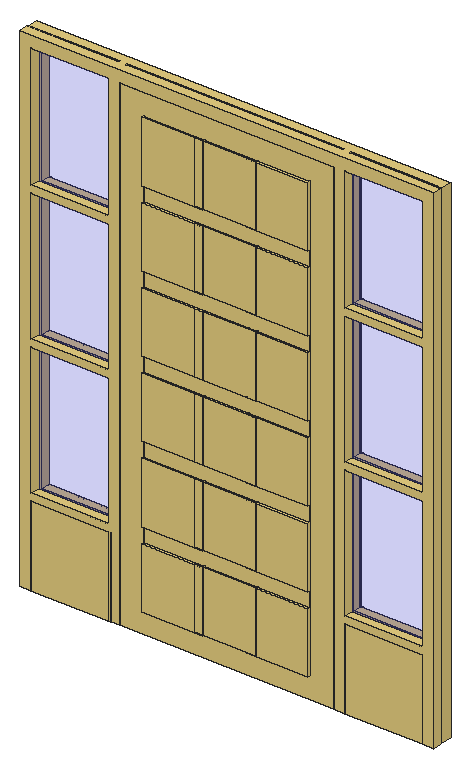
Revit family "DTI_A3-AC-Panel-F18-Frame-Fds6", category Doors, host Wall, Revit 2016
Family settings
  Host = Wall
  Always vertical = Yes
  Cut with Voids When Loaded = No
  Shared = No
  Room Calculation Point = No
Parameters (values of type "Panel F18 - Frame FDS6")
  URL = "www.acdoors.co.za"
  Sidelight w = 371 mm
  Sidelight Glass = Glass
  Panel Width = Width - (Sidelight w * 2 + (Frame Depth * 2))  # 894 mm
  Panel Type = "F18"
  Panel Thickness = 44 mm
  Panel Material = Meranti Wood
  Panel Height = Height - Frame Depth  # 2033 mm
  Model = "Double-sided Panel Door"
  Manufacturer Code = "F18 - FDS6"
  Manufacturer = "AC Doors"
  Height = 2080 mm
  Wall Closure = By host
  Width = 1730 mm
  Function = Interior
  Frame Type = "Frame FDS6"
  Frame Thickness = 102 mm
  Frame Material = Meranti Wood
  Frame Depth = 47 mm
  Assembly Code = "B2030230"
Reference planes
  plane 1 "Wall Center": y = 0
  plane 2 "Center (Left/Right)": x = 0
  plane 3 "Left": x = -865
  plane 4 "Right": x = 865
  plane 5: z = 2080
  plane 6 "Exterior": y = 45
  plane 7 "Interior": y = -45
  plane 8: x = 494
  plane 9: z = 1503.333
  plane 10: z = 926.667
  plane 11: z = 350
  plane 12: x = -494
Forms (mm)
  Sweep 1, solid, material "Meranti Wood" <- "Frame Material", detail levels medium+fine
    path origin (0, 0, 0) x (1, 0, 0) y (0, 0, 1)
      loop
        line (-865, 0) -> (-865, 2080) -> (865, 2080) -> (865, 0)
    profile "Frame profile : Frame profile" origin (865, 0, 1040) x (1, 0, 0) y (0, -1, 0)
      loop
        line (0, -45) -> (0, 0) -> (-10, 0) -> (-10, 6) -> (0, 6) -> (0, 45) -> (-47, 45) -> (-47, 6) -> (-40, 6) -> (-40, 0) -> (-55, 0) -> (-55, -37) -> (-53, -37)
        arc (-53, -37) -> (-51.243, -41.243) -> (-47, -43) r 6
        line (-47, -43) -> (-47, -45) -> (0, -45)
  Sweep 2, solid, material "Meranti Wood" <- "Frame Material", detail levels medium+fine
    path origin (-400, 0, 0) x (1, 0, 0) y (0, 0, 1)
      loop
        line (894, 2080) -> (894, 0)
    profile "Frame profile 2 : Frame profile 2" origin (494, 0, 1040) x (1, 0, 0) y (0, -1, 0)
      loop
        line (-8, -45) -> (-8, -43)
        arc (-8, -43) -> (-3.757, -41.243) -> (-2, -37) r 6
        line (-2, -37) -> (0, -37) -> (0, 0) -> (-10, 0) -> (-10, 6) -> (0, 6) -> (0, 45) -> (-47, 45) -> (-47, 6) -> (-40, 6) -> (-40, 0) -> (-55, 0) -> (-55, -37) -> (-53, -37)
        arc (-53, -37) -> (-51.243, -41.243) -> (-47, -43) r 6
        line (-47, -43) -> (-47, -45) -> (-8, -45)
  Sweep 3, solid, material "Meranti Wood" <- "Frame Material", detail levels medium+fine
    path origin (0, 0, 0) x (1, 0, 0) y (0, 0, 1)
      loop
        line (818, 350) -> (486, 350)
    profile "Frame profile 3 : Frame profile 3" origin (652, 0, 350) x (0, 0, -1) y (0, -1, 0)
      loop
        line (7, -45) -> (7, -43)
        arc (7, -43) -> (11.243, -41.243) -> (13, -37) r 6
        line (13, -37) -> (15, -37) -> (15, 0) -> (5, 0) -> (5, 6) -> (15, 6) -> (15, 45) -> (-15, 45) -> (-15, 6) -> (-5, 6) -> (-5, 0) -> (-15, 0) -> (-15, -37) -> (-13, -37)
        arc (-13, -37) -> (-11.243, -41.243) -> (-7, -43) r 6
        line (-7, -43) -> (-7, -45) -> (7, -45)
  Sweep 4, solid, material "Meranti Wood" <- "Frame Material", detail levels medium+fine
    path origin (0, 0, 583.333) x (1, 0, 0) y (0, 0, 1)
      loop
        line (825, 343.333) -> (484, 343.333)
    profile "Frame profile 3 : Frame profile 3" origin (654.5, 0, 926.667) x (0, 0, -1) y (0, -1, 0)
      loop
        line (7, -45) -> (7, -43)
        arc (7, -43) -> (11.243, -41.243) -> (13, -37) r 6
        line (13, -37) -> (15, -37) -> (15, 0) -> (5, 0) -> (5, 6) -> (15, 6) -> (15, 45) -> (-15, 45) -> (-15, 6) -> (-5, 6) -> (-5, 0) -> (-15, 0) -> (-15, -37) -> (-13, -37)
        arc (-13, -37) -> (-11.243, -41.243) -> (-7, -43) r 6
        line (-7, -43) -> (-7, -45) -> (7, -45)
  Sweep 5, solid, material "Meranti Wood" <- "Frame Material", detail levels medium+fine
    path origin (0, 0, 1166.667) x (1, 0, 0) y (0, 0, 1)
      loop
        line (818, 336.667) -> (486, 336.667)
    profile "Frame profile 3 : Frame profile 3" origin (652, 0, 1503.333) x (0, 0, -1) y (0, -1, 0)
      loop
        line (7, -45) -> (7, -43)
        arc (7, -43) -> (11.243, -41.243) -> (13, -37) r 6
        line (13, -37) -> (15, -37) -> (15, 0) -> (5, 0) -> (5, 6) -> (15, 6) -> (15, 45) -> (-15, 45) -> (-15, 6) -> (-5, 6) -> (-5, 0) -> (-15, 0) -> (-15, -37) -> (-13, -37)
        arc (-13, -37) -> (-11.243, -41.243) -> (-7, -43) r 6
        line (-7, -43) -> (-7, -45) -> (7, -45)
  Sweep 6, solid, material "Meranti Wood" <- "Frame Material", detail levels medium+fine
    path origin (0, 0, 0) x (1, 0, 0) y (0, 0, 1)
      loop
        line (818, 350) -> (486, 350)
    profile origin (652, 0, 350) x (0, 0, -1) y (0, -1, 0)
      loop
        line (15, -37) -> (350, -37) -> (350, 44) -> (15, 44) -> (15, 6) -> (5, 6) -> (5, 0) -> (15, 0) -> (15, -37)
  Sweep 7, solid, material "Glass" <- "Sidelight Glass", detail levels medium+fine
    path origin (0, 0, 480) x (1, 0, 0) y (0, 0, 1)
      loop
        line (825, 446.667) -> (484, 446.667)
    profile origin (654.5, 0, 926.667) x (0, 0, -1) y (0, -1, 0)
      loop
        line (5, 0) -> (571.667, 0) -> (571.667, 6) -> (5, 6) -> (5, 0)
  Sweep 8, solid, material "Glass" <- "Sidelight Glass", detail levels medium+fine
    path origin (0, 0, 1140) x (1, 0, 0) y (0, 0, 1)
      loop
        line (825, 363.333) -> (484, 363.333)
    profile origin (654.5, 0, 1503.333) x (0, 0, -1) y (0, -1, 0)
      loop
        line (5, 0) -> (571.667, 0) -> (571.667, 6) -> (5, 6) -> (5, 0)
  Sweep 9, solid, material "Glass" <- "Sidelight Glass", detail levels medium+fine
    path origin (0, 0, 1660) x (1, 0, 0) y (0, 0, 1)
      loop
        line (825, 373) -> (484, 373)
    profile origin (654.5, 0, 2033) x (0, 0, -1) y (0, -1, 0)
      loop
        line (-7, 0) -> (524.667, 0) -> (524.667, 6) -> (-7, 6) -> (-7, 0)
  Sweep 10, solid, material "Meranti Wood" <- "Frame Material", detail levels medium+fine
    path origin (400, 0, 0) x (-1, 0, 0) y (0, 0, 1)
      loop
        line (894, 2080) -> (894, 0)
    profile "Frame profile 2 : Frame profile 2" origin (-494, 0, 1040) x (-1, 0, 0) y (0, 1, 0)
      loop
        line (-8, 45) -> (-47, 45) -> (-47, 43)
        arc (-47, 43) -> (-51.243, 41.243) -> (-53, 37) r 6
        line (-53, 37) -> (-55, 37) -> (-55, 0) -> (-40, 0) -> (-40, -6) -> (-47, -6) -> (-47, -45) -> (0, -45) -> (0, -6) -> (-10, -6) -> (-10, 0) -> (0, 0) -> (0, 37) -> (-2, 37)
        arc (-2, 37) -> (-3.757, 41.243) -> (-8, 43) r 6
        line (-8, 43) -> (-8, 45)
  Sweep 11, solid, material "Meranti Wood" <- "Frame Material", detail levels medium+fine
    path origin (0, 0, 0) x (-1, 0, 0) y (0, 0, 1)
      loop
        line (818, 350) -> (486, 350)
    profile "Frame profile 3 : Frame profile 3" origin (-652, 0, 350) x (0, 0, -1) y (0, 1, 0)
      loop
        line (7, 45) -> (-7, 45) -> (-7, 43)
        arc (-7, 43) -> (-11.243, 41.243) -> (-13, 37) r 6
        line (-13, 37) -> (-15, 37) -> (-15, 0) -> (-5, 0) -> (-5, -6) -> (-15, -6) -> (-15, -45) -> (15, -45) -> (15, -6) -> (5, -6) -> (5, 0) -> (15, 0) -> (15, 37) -> (13, 37)
        arc (13, 37) -> (11.243, 41.243) -> (7, 43) r 6
        line (7, 43) -> (7, 45)
  Sweep 12, solid, material "Meranti Wood" <- "Frame Material", detail levels medium+fine
    path origin (0, 0, 583.333) x (-1, 0, 0) y (0, 0, 1)
      loop
        line (818, 343.333) -> (486, 343.333)
    profile "Frame profile 3 : Frame profile 3" origin (-652, 0, 926.667) x (0, 0, -1) y (0, 1, 0)
      loop
        line (7, 45) -> (-7, 45) -> (-7, 43)
        arc (-7, 43) -> (-11.243, 41.243) -> (-13, 37) r 6
        line (-13, 37) -> (-15, 37) -> (-15, 0) -> (-5, 0) -> (-5, -6) -> (-15, -6) -> (-15, -45) -> (15, -45) -> (15, -6) -> (5, -6) -> (5, 0) -> (15, 0) -> (15, 37) -> (13, 37)
        arc (13, 37) -> (11.243, 41.243) -> (7, 43) r 6
        line (7, 43) -> (7, 45)
  Sweep 13, solid, material "Meranti Wood" <- "Frame Material", detail levels medium+fine
    path origin (0, 0, 1166.667) x (-1, 0, 0) y (0, 0, 1)
      loop
        line (818, 336.667) -> (486, 336.667)
    profile "Frame profile 3 : Frame profile 3" origin (-652, 0, 1503.333) x (0, 0, -1) y (0, 1, 0)
      loop
        line (7, 45) -> (-7, 45) -> (-7, 43)
        arc (-7, 43) -> (-11.243, 41.243) -> (-13, 37) r 6
        line (-13, 37) -> (-15, 37) -> (-15, 0) -> (-5, 0) -> (-5, -6) -> (-15, -6) -> (-15, -45) -> (15, -45) -> (15, -6) -> (5, -6) -> (5, 0) -> (15, 0) -> (15, 37) -> (13, 37)
        arc (13, 37) -> (11.243, 41.243) -> (7, 43) r 6
        line (7, 43) -> (7, 45)
  Sweep 14, solid, material "Meranti Wood" <- "Frame Material", detail levels medium+fine
    path origin (0, 0, 0) x (-1, 0, 0) y (0, 0, 1)
      loop
        line (818, 350) -> (486, 350)
    profile origin (-652, 0, 350) x (0, 0, -1) y (0, 1, 0)
      loop
        line (15, 37) -> (15, 0) -> (5, 0) -> (5, -6) -> (15, -6) -> (15, -44) -> (350, -44) -> (350, 37) -> (15, 37)
  Sweep 15, solid, material "Glass" <- "Sidelight Glass", detail levels medium+fine
    path origin (0, 0, 480) x (-1, 0, 0) y (0, 0, 1)
      loop
        line (825, 446.667) -> (484, 446.667)
    profile origin (-654.5, 0, 926.667) x (0, 0, -1) y (0, 1, 0)
      loop
        line (5, 0) -> (5, -6) -> (578.333, -6) -> (578.333, 0) -> (5, 0)
  Sweep 16, solid, material "Glass" <- "Sidelight Glass", detail levels medium+fine
    path origin (0, 0, 1140) x (-1, 0, 0) y (0, 0, 1)
      loop
        line (825, 363.333) -> (484, 363.333)
    profile origin (-654.5, 0, 1503.333) x (0, 0, -1) y (0, 1, 0)
      loop
        line (5, 0) -> (5, -6) -> (578.333, -6) -> (578.333, 0) -> (5, 0)
  Sweep 17, solid, material "Glass" <- "Sidelight Glass", detail levels medium+fine
    path origin (0, 0, 1660) x (-1, 0, 0) y (0, 0, 1)
      loop
        line (825, 373) -> (484, 373)
    profile origin (-654.5, 0, 2033) x (0, 0, -1) y (0, 1, 0)
      loop
        line (-7, 0) -> (-7, -6) -> (531.333, -6) -> (531.333, 0) -> (-7, 0)
Cuts and joins
  joined: Sweep 1, Sweep 2, Sweep 3, Sweep 4, Sweep 5, Sweep 6, Sweep 10, Sweep 11, Sweep 12, Sweep 13
Lines and regions (mm)
  Opening 1
    outline origin (-3050, -45, 0) x (1, 0, 0) y (0, 0, 1)
      loop
        line (2185, 0) -> (3915, 0) -> (3915, 2080) -> (2185, 2080) -> (2185, 0)
  symbolic lines, style "Elevation Swing"
    curve 1: line (447, 0, 2033) -> (-447, 0, 1016.5)
    curve 2: line (-447, 0, 1016.5) -> (447, 0, 0)
  symbolic lines, style "Plan Swing"
    curve 3: line (447, -44, 0) -> (447, -938, 0)
    curve 7: arc (447, -938, 0) -> (-185.153, -676.153, 0) -> (-447, -44, 0) r 894
  symbolic lines, style "Plan Swing", detail levels medium+fine
    curve 4: line (447, -938, 0) -> (403, -938, 0)
    curve 5: line (403, -938, 0) -> (403, -44, 0)
    curve 6: line (447, -44, 0) -> (403, -44, 0)
Text (mm)
  text "Exterior" at (-2295.016, 1099.543, 0), in view "Ref. Level"
  text "Exterior" at (0, 1615.38, 3698.081), in view "Left"
  text "Exterior" at (0, 1036.032, 3874.932), in view "Right"
Dimensions and locks
  equal spacing: plane 3 "Left", plane 2 "Center (Left/Right)", plane 4 "Right"
  "Width": plane 3 "Left" to plane 4 "Right"
  "Height": plane 5 to host wall
  locked: plane 6 "Exterior" to host wall at 0
  locked: plane 7 "Interior" to host wall
  "Sidelight w": plane 8 to plane 4 "Right"
  "Panel Thickness": curve 5 to curve 3
  locked: level to plane 11 at 350
  equal spacing: plane 11, plane 10, plane 9, plane 5
  "Sidelight w": plane 3 "Left" to plane 12
  aligned and locked: plane 3 "Left" to Opening 1 sketch curve
  aligned and locked: plane 5 to Opening 1 sketch curve  (x2)
  aligned and locked: Opening 1 sketch curve to plane 4 "Right"
  aligned and locked: Opening 1 sketch curve to level
  aligned and locked: plane 1 "Wall Center" to host wall
  aligned and locked: Sweep 1 sketch curve to host wall  (x3)
  aligned and locked: plane 8 to Sweep 2 sketch curve
  aligned and locked: cut or joined group of Sweep 1, Sweep 2, Sweep 3, Sweep 4, Sweep 5, Sweep 6, Sweep 10, Sweep 11, Sweep 12, Sweep 13 to curve 3
  aligned and locked: cut or joined group of Sweep 1, Sweep 2, Sweep 3, Sweep 4, Sweep 5, Sweep 6, Sweep 10, Sweep 11, Sweep 12, Sweep 13 to curve 1
  aligned and locked: curve 2 to cut or joined group of Sweep 1, Sweep 2, Sweep 3, Sweep 4, Sweep 5, Sweep 6, Sweep 10, Sweep 11, Sweep 12, Sweep 13
  aligned and locked: plane 11 to Sweep 3 sketch curve
  aligned and locked: plane 10 to Sweep 4 sketch curve
  aligned and locked: Sweep 5 sketch curve to plane 9
  aligned and locked: cut or joined group of Sweep 1, Sweep 2, Sweep 3, Sweep 4, Sweep 5, Sweep 6, Sweep 10, Sweep 11, Sweep 12, Sweep 13 to Sweep 5 sketch curve  (x2)
  aligned and locked: cut or joined group of Sweep 1, Sweep 2, Sweep 3, Sweep 4, Sweep 5, Sweep 6, Sweep 10, Sweep 11, Sweep 12, Sweep 13 to Sweep 6 sketch curve  (x2)
  aligned and locked: Sweep 6 sketch curve to plane 11
  aligned and locked: Sweep 7 sketch curve to plane 10
  aligned and locked: Sweep 7 sketch curve to cut or joined group of Sweep 1, Sweep 2, Sweep 3, Sweep 4, Sweep 5, Sweep 6, Sweep 10, Sweep 11, Sweep 12, Sweep 13  (x2)
  aligned and locked: cut or joined group of Sweep 1, Sweep 2, Sweep 3, Sweep 4, Sweep 5, Sweep 6, Sweep 10, Sweep 11, Sweep 12, Sweep 13 to Sweep 7 sketch curve  (x2)
  aligned and locked: cut or joined group of Sweep 1, Sweep 2, Sweep 3, Sweep 4, Sweep 5, Sweep 6, Sweep 10, Sweep 11, Sweep 12, Sweep 13 to Sweep 4 sketch curve
  aligned and locked: Sweep 4 sketch curve to cut or joined group of Sweep 1, Sweep 2, Sweep 3, Sweep 4, Sweep 5, Sweep 6, Sweep 10, Sweep 11, Sweep 12, Sweep 13
  aligned and locked: Sweep 8 sketch curve to plane 9
  aligned and locked: Sweep 9 sketch curve to cut or joined group of Sweep 1, Sweep 2, Sweep 3, Sweep 4, Sweep 5, Sweep 6, Sweep 10, Sweep 11, Sweep 12, Sweep 13  (x3)
  aligned and locked: Sweep 8 sketch curve to cut or joined group of Sweep 1, Sweep 2, Sweep 3, Sweep 4, Sweep 5, Sweep 6, Sweep 10, Sweep 11, Sweep 12, Sweep 13  (x2)
  aligned and locked: plane 12 to Sweep 10 sketch curve
  aligned and locked: plane 9 to Sweep 13 sketch curve
  aligned and locked: cut or joined group of Sweep 1, Sweep 2, Sweep 3, Sweep 4, Sweep 5, Sweep 6, Sweep 10, Sweep 11, Sweep 12, Sweep 13 to Sweep 13 sketch curve  (x2)
  aligned and locked: plane 10 to Sweep 12 sketch curve
  aligned and locked: cut or joined group of Sweep 1, Sweep 2, Sweep 3, Sweep 4, Sweep 5, Sweep 6, Sweep 10, Sweep 11, Sweep 12, Sweep 13 to Sweep 12 sketch curve  (x2)
  aligned and locked: plane 11 to Sweep 11 sketch curve
  aligned and locked: cut or joined group of Sweep 1, Sweep 2, Sweep 3, Sweep 4, Sweep 5, Sweep 6, Sweep 10, Sweep 11, Sweep 12, Sweep 13 to Sweep 11 sketch curve  (x2)
  aligned and locked: cut or joined group of Sweep 1, Sweep 2, Sweep 3, Sweep 4, Sweep 5, Sweep 6, Sweep 10, Sweep 11, Sweep 12, Sweep 13 to Sweep 14 sketch curve  (x2)
  aligned and locked: plane 11 to Sweep 14 sketch curve
  aligned and locked: Sweep 15 sketch curve to cut or joined group of Sweep 1, Sweep 2, Sweep 3, Sweep 4, Sweep 5, Sweep 6, Sweep 10, Sweep 11, Sweep 12, Sweep 13
  aligned and locked: cut or joined group of Sweep 1, Sweep 2, Sweep 3, Sweep 4, Sweep 5, Sweep 6, Sweep 10, Sweep 11, Sweep 12, Sweep 13 to Sweep 15 sketch curve
  aligned and locked: host wall to Sweep 15 sketch curve
  aligned and locked: Sweep 16 sketch curve to cut or joined group of Sweep 1, Sweep 2, Sweep 3, Sweep 4, Sweep 5, Sweep 6, Sweep 10, Sweep 11, Sweep 12, Sweep 13
  aligned and locked: host wall to Sweep 16 sketch curve
  aligned and locked: Sweep 17 sketch curve to cut or joined group of Sweep 1, Sweep 2, Sweep 3, Sweep 4, Sweep 5, Sweep 6, Sweep 10, Sweep 11, Sweep 12, Sweep 13
  aligned and locked: host wall to Sweep 17 sketch curve
  aligned and locked: curve 1 to cut or joined group of Sweep 1, Sweep 2, Sweep 3, Sweep 4, Sweep 5, Sweep 6, Sweep 10, Sweep 11, Sweep 12, Sweep 13
  aligned and locked: plane 2 "Center (Left/Right)" to nested 1
  aligned: nested 1 to host wall
Automatic sketch dimensions
  Sweep 1 sketch curve to level = 0 mm  (x2)
  Sweep 2 sketch curve to level = 0 mm
  Sweep 2 sketch curve to plane 5 = 0 mm
  Sweep 3 sketch curve to plane 8 = 8 mm
  plane 4 "Right" to Sweep 3 sketch curve = 47 mm
  Sweep 6 sketch curve to plane 1 "Wall Center" = 0 mm
  Sweep 6 sketch curve to profile plane = 5 mm
  Sweep 6 sketch curve to profile plane = 15 mm
  Sweep 6 sketch curve to Sweep 6 sketch curve = 0 mm
  Sweep 6 sketch curve to plane 1 "Wall Center" = 37 mm
  Sweep 6 sketch curve to Sweep 6 sketch curve = 335 mm
  plane 1 "Wall Center" to Sweep 6 sketch curve = 6 mm
  Sweep 6 sketch curve to Sweep 6 sketch curve = 38 mm
  Sweep 7 sketch curve to plane 1 "Wall Center" = 0 mm
  plane 1 "Wall Center" to Sweep 7 sketch curve = 6 mm
  Sweep 8 sketch curve to plane 8 = 10 mm
  plane 4 "Right" to Sweep 8 sketch curve = 40 mm
  Sweep 8 sketch curve to plane 1 "Wall Center" = 0 mm
  plane 1 "Wall Center" to Sweep 8 sketch curve = 6 mm
  Sweep 9 sketch curve to plane 8 = 10 mm
  plane 4 "Right" to Sweep 9 sketch curve = 40 mm
  Sweep 9 sketch curve to plane 1 "Wall Center" = 0 mm
  plane 1 "Wall Center" to Sweep 9 sketch curve = 6 mm
  Sweep 10 sketch curve to level = 0 mm
  Sweep 10 sketch curve to plane 5 = 0 mm
  Sweep 14 sketch curve to plane 1 "Wall Center" = 0 mm
  Sweep 14 sketch curve to profile plane = 5 mm
  Sweep 14 sketch curve to profile plane = 15 mm
  Sweep 14 sketch curve to Sweep 14 sketch curve = 0 mm
  Sweep 14 sketch curve to plane 1 "Wall Center" = 37 mm
  Sweep 14 sketch curve to Sweep 14 sketch curve = 335 mm
  plane 1 "Wall Center" to Sweep 14 sketch curve = 6 mm
  plane 1 "Wall Center" to Sweep 14 sketch curve = 44 mm
  Sweep 15 sketch curve to plane 10 = 0 mm
  Sweep 15 sketch curve to plane 1 "Wall Center" = 0 mm
  Sweep 15 sketch curve to profile plane = 5 mm
  plane 1 "Wall Center" to Sweep 15 sketch curve = 6 mm
  Sweep 15 sketch curve to Sweep 15 sketch curve = 573.333 mm
  Sweep 16 sketch curve to plane 9 = 0 mm
  Sweep 16 sketch curve to plane 3 "Left" = 40 mm
  Sweep 16 sketch curve to plane 1 "Wall Center" = 0 mm
  Sweep 16 sketch curve to profile plane = 5 mm
  plane 1 "Wall Center" to Sweep 16 sketch curve = 6 mm
  Sweep 16 sketch curve to Sweep 16 sketch curve = 573.333 mm
  Sweep 17 sketch curve to plane 3 "Left" = 40 mm
  plane 5 to Sweep 17 sketch curve = 47 mm
  Sweep 17 sketch curve to plane 1 "Wall Center" = 0 mm
  profile plane to Sweep 17 sketch curve = 7 mm
  plane 1 "Wall Center" to Sweep 17 sketch curve = 6 mm
  Sweep 17 sketch curve to profile plane = 531.333 mm
  curve 2 to level = 0 mm
  plane 10 to curve 2 = 89.833 mm
  plane 5 to curve 1 = 47 mm
  curve 7 to host wall = 1 mm
  curve 7 to plane 12 = 47 mm
  curve 5 to host wall = 1 mm
Nested families
  nested 1: "F18" at (32.632, 4.283, 0), type "F18"
Definition of nested family "F18"
  Parameters
    Width Array = Panel Width / ((Offset * 2) + 64 mm)  # 3
    URL = "www.acdoors.co.za"
    Thickness = 10 mm
    Panel Width = 894 mm
    Panel Thickness = 44 mm
    Panel Material = none
    Panel Height = 2033 mm
    Offset = 100 mm
    Model = "F18"
    Manufacturer = "AC Doors"
    Length = Inside / Array - 50 mm  # 255.5 mm
    Inside = Panel Height - (Offset * 2)  # 1833 mm
    Half T = Thickness / 2  # 5 mm
    Edge = (Length / 2) - 10 mm  # 117.75 mm
    Assembly Code = "B2030230"
    Array = 6
  Reference planes
    plane 1 "Center (Front/Back)": y = -26.283
    plane 2: z = 0
    plane 3 "Center (Left/Right)": x = -32.632
    plane 4: y = -4.283
    plane 5: y = -48.283
    plane 6: x = -479.632
    plane 7: x = 414.368
    plane 8: y = -11.283
    plane 9: y = -41.283
    plane 10: z = 2033
    plane 11: x = -379.632
    plane 12: z = 1933
    plane 13: z = 100
    plane 14: x = 314.368
    plane 15: x = -261.882
    plane 16: z = 217.75
    plane 17: z = 1815.25
    plane 18: x = 196.618
    plane 19: y = -53.283
  Forms (mm)
    Sweep 1, solid, material <- "Panel Material"
      path origin (0, -26.283, 0) x (1, 0, 0) y (0, 0, 1)
        loop
          line (-479.632, 2033) -> (-479.632, 0) -> (414.368, 0) -> (414.368, 2033) -> (-479.632, 2033)
      profile origin (-32.632, -26.283, 2033) x (0, 0, 1) y (0, -1, 0)
        loop
          line (0, -22) -> (0, 22) -> (-100, 22) -> (-100, -22) -> (0, -22)
    Extrusion 2, solid, material <- "Panel Material"
      sketch origin (0, 0, 0) x (1, 0, 0) y (0, 1, 0)
        loop
          line (-379.632, -11.283) -> (-379.632, -48.283) -> (314.368, -48.283) -> (314.368, -11.283) -> (-379.632, -11.283)
      from 100 to 1933
    Extrusion 3, solid, material <- "Panel Material"
      sketch origin (0, -52.567, 0) x (0, -1, 0) y (-1, 0, 0)
        loop
          line (-11.283, 379.632) -> (-48.283, 379.632) -> (-48.283, -314.368) -> (-11.283, -314.368) -> (-11.283, 379.632)
      from 100 to 1932
  Dimensions and locks
    equal spacing: plane 4, plane 1 "Center (Front/Back)", plane 5
    "Panel Thickness": plane 4 to plane 5
    equal spacing: plane 6, plane 3 "Center (Left/Right)", plane 7
    "Panel Width": plane 6 to plane 7
    locked: plane 4 to plane 8 at 7
    locked: plane 5 to plane 9 at 7
    "Offset": plane 11 to plane 6
    "Offset": plane 10 to plane 12
    "Offset": plane 13 to level
    "Offset": plane 14 to plane 7
    "Panel Height": plane 10 to plane 2
    "Edge": plane 16 to plane 13
    "Edge": plane 12 to plane 17
    "Edge": plane 15 to plane 11
    "Edge": plane 14 to plane 18
    "Half T": plane 5 to plane 19
    equal spacing: group 13, group 39, group 26  (x3)
    aligned and locked: plane 6 to Sweep 1 sketch curve
    aligned and locked: Sweep 1 sketch curve to plane 10
    aligned and locked: plane 2 to Sweep 1 sketch curve
    aligned and locked: plane 7 to Sweep 1 sketch curve
    aligned and locked: plane 4 to Sweep 1 sketch curve
    aligned and locked: Sweep 1 sketch curve to profile plane
    aligned and locked: plane 12 to Sweep 1 sketch curve
    aligned and locked: Sweep 1 sketch curve to plane 5
    aligned and locked: plane 14 to Extrusion 2 sketch curve
    aligned and locked: plane 11 to Extrusion 2 sketch curve
    aligned and locked: plane 12 to Extrusion 2
    aligned and locked: Extrusion 2 to plane 13
    aligned and locked: plane 5 to Extrusion 2 sketch curve
    aligned and locked: Extrusion 2 sketch curve to plane 8
    aligned and locked: Extrusion 2 to plane 5
    aligned and locked: nested 2 to nested 6
    aligned and locked: nested 6 to nested 5
    aligned and locked: nested 5 to nested 4
    aligned and locked: nested 4 to nested 3
    aligned and locked: nested 3 to nested 1
    aligned and locked: nested 8 to nested 12
    aligned and locked: nested 12 to nested 11
    aligned and locked: nested 11 to nested 10
    aligned and locked: nested 10 to nested 9
    aligned and locked: nested 9 to nested 7
    aligned and locked: nested 11 to nested 5
    aligned and locked: nested 5 to plane 11
    aligned and locked: nested 14 to nested 18
    aligned and locked: nested 18 to nested 17
    aligned and locked: nested 17 to nested 16
    aligned and locked: nested 16 to nested 15
    aligned and locked: nested 15 to nested 13
    aligned and locked: nested 20 to nested 24
    aligned and locked: nested 24 to nested 23
    aligned and locked: nested 23 to nested 22
    aligned and locked: nested 22 to nested 21
    aligned and locked: nested 21 to nested 19
    aligned and locked: nested 23 to nested 17
    aligned and locked: plane 14 to nested 17
    aligned and locked: nested 26 to nested 30
    aligned and locked: nested 30 to nested 29
    aligned and locked: nested 29 to nested 28
    aligned and locked: nested 28 to nested 27
    aligned and locked: nested 27 to nested 25
    aligned and locked: nested 32 to nested 36
    aligned and locked: nested 36 to nested 35
    aligned and locked: nested 35 to nested 34
    aligned and locked: nested 34 to nested 33
    aligned and locked: nested 33 to nested 31
    aligned and locked: nested 35 to nested 29
  Automatic sketch dimensions
    Extrusion 3 sketch curve to plane 4 = 0 mm
    Extrusion 3 sketch curve to plane 9 = 0 mm
    Extrusion 3 sketch curve to plane 11 = 0 mm
    Extrusion 3 sketch curve to plane 14 = 0 mm
  Nested families
    nested 1: "Square Block" at (-424.718, 0.717, -424.402), type "Square Block"
      with Thickness 10 mm, Length 255.5 mm
    nested 2: "Square Block" at (-424.718, 0.717, 1172.265), type "Square Block"
      with Thickness 10 mm, Length 255.5 mm
    nested 3: "Square Block" at (-424.718, 0.717, -105.068), type "Square Block"
      with Thickness 10 mm, Length 255.5 mm
    nested 4: "Square Block" at (-424.718, 0.717, 214.265), type "Square Block"
      with Thickness 10 mm, Length 255.5 mm
    nested 5: "Square Block" at (-424.718, 0.717, 533.598), type "Square Block"
      with Thickness 10 mm, Length 255.5 mm
    nested 6: "Square Block" at (-424.718, 0.717, 852.932), type "Square Block"
      with Thickness 10 mm, Length 255.5 mm
    nested 7: "Square Block" at (-424.718, -53.283, -424.402), type "Square Block"
      with Thickness 10 mm, Length 255.5 mm
    nested 8: "Square Block" at (-424.718, -53.283, 1172.265), type "Square Block"
      with Thickness 10 mm, Length 255.5 mm
    nested 9: "Square Block" at (-424.718, -53.283, -105.068), type "Square Block"
      with Thickness 10 mm, Length 255.5 mm
    nested 10: "Square Block" at (-424.718, -53.283, 214.265), type "Square Block"
      with Thickness 10 mm, Length 255.5 mm
    nested 11: "Square Block" at (-424.718, -53.283, 533.598), type "Square Block"
      with Thickness 10 mm, Length 255.5 mm
    nested 12: "Square Block" at (-424.718, -53.283, 852.932), type "Square Block"
      with Thickness 10 mm, Length 255.5 mm
    nested 13: "Square Block" at (13.782, 0.717, -424.402), type "Square Block"
      with Thickness 10 mm, Length 255.5 mm
    nested 14: "Square Block" at (13.782, 0.717, 1172.265), type "Square Block"
      with Thickness 10 mm, Length 255.5 mm
    nested 15: "Square Block" at (13.782, 0.717, -105.068), type "Square Block"
      with Thickness 10 mm, Length 255.5 mm
    nested 16: "Square Block" at (13.782, 0.717, 214.265), type "Square Block"
      with Thickness 10 mm, Length 255.5 mm
    nested 17: "Square Block" at (13.782, 0.717, 533.598), type "Square Block"
      with Thickness 10 mm, Length 255.5 mm
    nested 18: "Square Block" at (13.782, 0.717, 852.932), type "Square Block"
      with Thickness 10 mm, Length 255.5 mm
    nested 19: "Square Block" at (13.782, -53.283, -424.402), type "Square Block"
      with Thickness 10 mm, Length 255.5 mm
    nested 20: "Square Block" at (13.782, -53.283, 1172.265), type "Square Block"
      with Thickness 10 mm, Length 255.5 mm
    nested 21: "Square Block" at (13.782, -53.283, -105.068), type "Square Block"
      with Thickness 10 mm, Length 255.5 mm
    nested 22: "Square Block" at (13.782, -53.283, 214.265), type "Square Block"
      with Thickness 10 mm, Length 255.5 mm
    nested 23: "Square Block" at (13.782, -53.283, 533.598), type "Square Block"
      with Thickness 10 mm, Length 255.5 mm
    nested 24: "Square Block" at (13.782, -53.283, 852.932), type "Square Block"
      with Thickness 10 mm, Length 255.5 mm
    nested 25: "Square Block" at (-205.468, 0.717, -424.402), type "Square Block"
      with Thickness 10 mm, Length 255.5 mm
    nested 26: "Square Block" at (-205.468, 0.717, 1172.265), type "Square Block"
      with Thickness 10 mm, Length 255.5 mm
    nested 27: "Square Block" at (-205.468, 0.717, -105.068), type "Square Block"
      with Thickness 10 mm, Length 255.5 mm
    nested 28: "Square Block" at (-205.468, 0.717, 214.265), type "Square Block"
      with Thickness 10 mm, Length 255.5 mm
    nested 29: "Square Block" at (-205.468, 0.717, 533.598), type "Square Block"
      with Thickness 10 mm, Length 255.5 mm
    nested 30: "Square Block" at (-205.468, 0.717, 852.932), type "Square Block"
      with Thickness 10 mm, Length 255.5 mm
    nested 31: "Square Block" at (-205.468, -53.283, -424.402), type "Square Block"
      with Thickness 10 mm, Length 255.5 mm
    nested 32: "Square Block" at (-205.468, -53.283, 1172.265), type "Square Block"
      with Thickness 10 mm, Length 255.5 mm
    nested 33: "Square Block" at (-205.468, -53.283, -105.068), type "Square Block"
      with Thickness 10 mm, Length 255.5 mm
    nested 34: "Square Block" at (-205.468, -53.283, 214.265), type "Square Block"
      with Thickness 10 mm, Length 255.5 mm
    nested 35: "Square Block" at (-205.468, -53.283, 533.598), type "Square Block"
      with Thickness 10 mm, Length 255.5 mm
    nested 36: "Square Block" at (-205.468, -53.283, 852.932), type "Square Block"
      with Thickness 10 mm, Length 255.5 mm
  Definition of nested family "Square Block"
    Parameters
      Thickness = 84.708 mm
      Material = none
      Length = 384.75 mm
    Reference planes
      plane 1 "Center (Front/Back)": y = 0
      plane 2: z = 0
      plane 3 "Center (Left/Right)": x = 172.836
      plane 4: z = 642.068
      plane 5: z = 834.443
      plane 6: x = -19.539
      plane 7: x = 365.21
      plane 8: z = 449.693
      plane 9: y = 42.354
      plane 10: y = -42.354
    Forms (mm)
      Extrusion 1, solid, material <- "Material"
        sketch origin (0, 0, 0) x (1, 0, 0) y (0, 0, 1)
          loop
            line (-19.539, 834.443) -> (-19.539, 449.693) -> (365.21, 449.693) -> (365.21, 834.443) -> (-19.539, 834.443)
        from -42.354 to 42.354
    Dimensions and locks
      equal spacing: plane 5, plane 4, plane 8
      "Length": plane 5 to plane 8
      equal spacing: plane 7, plane 3 "Center (Left/Right)", plane 6
      "Length": plane 7 to plane 6
      equal spacing: plane 10, plane 1 "Center (Front/Back)", plane 9
      "Thickness": plane 9 to plane 10
      aligned and locked: plane 6 to Extrusion 1 sketch curve
      aligned and locked: Extrusion 1 sketch curve to plane 5
      aligned and locked: plane 8 to Extrusion 1 sketch curve
      aligned and locked: Extrusion 1 sketch curve to plane 7
      aligned and locked: plane 9 to Extrusion 1
      aligned and locked: plane 10 to Extrusion 1
